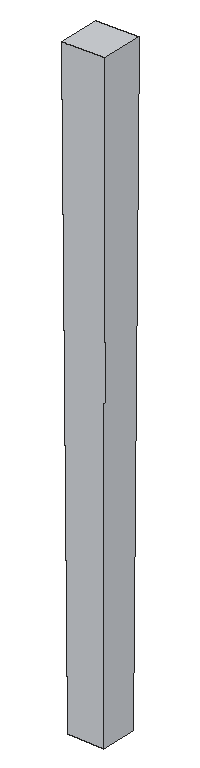
Revit family "Square Leg", category Generic Models, Revit 2023
Family settings
  Can host rebar = No
  Round Connector Dimension = Use Diameter
  Part Type = Normal
  Work Plane-Based = No
  Always vertical = Yes
  Cut with Voids When Loaded = No
  Maintain Annotation Orientation = No
  Shared = No
  Room Calculation Point = No
Parameters
  Top Size = 0' - 3"
  Height = 3' - 7.38655"
  Default Elevation = 0' - 0"
  Base Size = 0' - 2 1/2"
Reference planes (in)
  plane 1 "Center (Front/Back)": y = 0
  plane 2: z = 0
  plane 3 "Center (Left/Right)": x = 0
  plane 4: x = -1.25
  plane 5: x = 1.25
  plane 6: y = 1.25
  plane 7: y = -1.25
  plane 8: y = 1.5
  plane 9: x = -1.5
  plane 10: y = -1.5
  plane 11: x = 1.5
  plane 12: z = 43.38655
Forms (in)
  Blend 1, solid
    base sketch origin (0, 0, 0) x (1, 0, 0) y (0, 1, 0)
      loop
        line (-1.25, 1.25) -> (-1.25, -1.25) -> (1.25, -1.25) -> (1.25, 1.25) -> (-1.25, 1.25)
    top sketch origin (0, 0, 0) x (1, 0, 0) y (0, 1, 0)
      loop
        line (-1.5, 1.5) -> (-1.5, -1.5) -> (1.5, -1.5) -> (1.5, 1.5) -> (-1.5, 1.5)
    from 0 to 43.38655
Dimensions and locks (in)
  equal spacing: plane 4, plane 3 "Center (Left/Right)", plane 5
  equal spacing: plane 6, plane 1 "Center (Front/Back)", plane 7
  "Base Size": plane 6 to plane 7
  "Base Size": plane 4 to plane 5
  "Top Size": plane 9 to plane 11
  "Top Size": plane 8 to plane 10
  equal spacing: plane 8, plane 1 "Center (Front/Back)", plane 10
  equal spacing: plane 9, plane 3 "Center (Left/Right)", plane 11
  "Height": plane 12 to level
  aligned and locked: plane 2 to level
  aligned and locked: Blend 1 sketch curve to plane 6
  aligned and locked: Blend 1 sketch curve to plane 4
  aligned and locked: Blend 1 sketch curve to plane 7
  aligned and locked: Blend 1 sketch curve to plane 5
  aligned and locked: Blend 1 sketch curve to plane 8
  aligned and locked: plane 9 to Blend 1 sketch curve
  aligned and locked: plane 10 to Blend 1 sketch curve
  aligned and locked: plane 11 to Blend 1 sketch curve
  aligned and locked: Blend 1 to level
  aligned and locked: plane 12 to Blend 1
